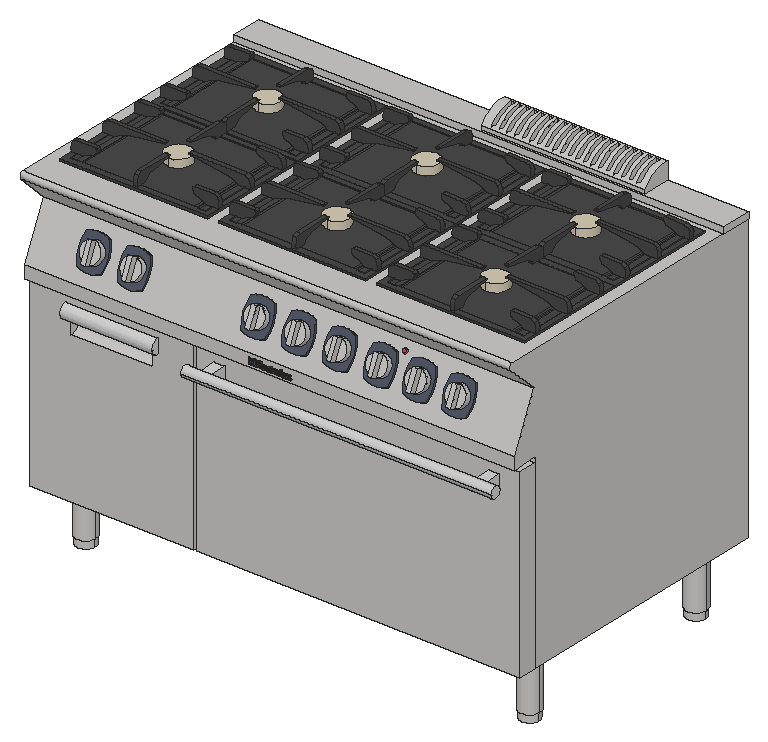
Revit family "QF_ELECTROLUXPROFESSIONAL_371406_E7AANTBGMII", category Attrezzature speciali, Revit 2018 (continued)
Automatic sketch dimensions
  Extrusion 44 sketch curve to Extrusion 44 sketch curve = 0.316 mm
  Extrusion 44 sketch curve to Extrusion 44 sketch curve = 0.087 mm
  Extrusion 44 sketch curve to Extrusion 44 sketch curve = 0.358 mm
  Extrusion 44 sketch curve to Extrusion 44 sketch curve = 0.481 mm
  Extrusion 44 sketch curve to Extrusion 44 sketch curve = 0.597 mm
  Extrusion 44 sketch curve to Extrusion 44 sketch curve = 0.544 mm
  Extrusion 44 sketch curve to Extrusion 44 sketch curve = 0.936 mm
  Extrusion 44 sketch curve to Extrusion 44 sketch curve = 0.594 mm
  Extrusion 44 sketch curve to Extrusion 44 sketch curve = 0.343 mm
  Extrusion 44 sketch curve to Extrusion 44 sketch curve = 0.159 mm
  Extrusion 44 sketch curve to Extrusion 44 sketch curve = 0.826 mm
  Extrusion 44 sketch curve to Extrusion 44 sketch curve = 0.839 mm
  Extrusion 44 sketch curve to Extrusion 44 sketch curve = 0.852 mm
  Extrusion 44 sketch curve to Extrusion 44 sketch curve = 0.887 mm
  Extrusion 44 sketch curve to Extrusion 44 sketch curve = 0.928 mm
  Extrusion 44 sketch curve to Extrusion 44 sketch curve = 0.938 mm
  Extrusion 44 sketch curve to Extrusion 44 sketch curve = 0.444 mm
  Extrusion 44 sketch curve to Extrusion 44 sketch curve = 1.11 mm  (x3)
  plane 7 "Center Y" to Extrusion 44 sketch curve = 43.726 mm
  Extrusion 44 sketch curve to Extrusion 44 sketch curve = 0.215 mm
  plane 7 "Center Y" to Extrusion 44 sketch curve = 0.332 mm
  Extrusion 44 sketch curve to Extrusion 44 sketch curve = 1.43 mm
  Extrusion 44 sketch curve to Extrusion 44 sketch curve = 1.188 mm
  Extrusion 44 sketch curve to Extrusion 44 sketch curve = 1.21 mm  (x2)
  Extrusion 44 sketch curve to Extrusion 44 sketch curve = 0.503 mm
  plane 7 "Center Y" to Extrusion 44 sketch curve = 48.995 mm
  Extrusion 44 sketch curve to Extrusion 44 sketch curve = 0.488 mm
  plane 7 "Center Y" to Extrusion 44 sketch curve = 52.922 mm
  Extrusion 44 sketch curve to Extrusion 44 sketch curve = 0.462 mm
  Extrusion 44 sketch curve to Extrusion 44 sketch curve = 1.386 mm
  Extrusion 44 sketch curve to Extrusion 44 sketch curve = 1.742 mm
  Extrusion 44 sketch curve to Extrusion 44 sketch curve = 0.821 mm
  Extrusion 44 sketch curve to Extrusion 44 sketch curve = 0.497 mm
  Extrusion 44 sketch curve to Extrusion 44 sketch curve = 0.539 mm
  Extrusion 44 sketch curve to Extrusion 44 sketch curve = 0.686 mm
  Extrusion 44 sketch curve to plane 7 "Center Y" = 0.042 mm
  Extrusion 44 sketch curve to Extrusion 44 sketch curve = 0.408 mm
  Extrusion 44 sketch curve to Extrusion 44 sketch curve = 0.743 mm
  Extrusion 44 sketch curve to Extrusion 44 sketch curve = 1.16 mm
  Extrusion 44 sketch curve to Extrusion 44 sketch curve = 0.329 mm
  Extrusion 44 sketch curve to Extrusion 44 sketch curve = 1.054 mm
  Extrusion 44 sketch curve to Extrusion 44 sketch curve = 1.056 mm
  Extrusion 44 sketch curve to Extrusion 44 sketch curve = 0.129 mm
  Extrusion 44 sketch curve to Extrusion 44 sketch curve = 0.489 mm
  Extrusion 44 sketch curve to plane 7 "Center Y" = 0.376 mm
  Extrusion 44 sketch curve to Extrusion 44 sketch curve = 0.441 mm
  Extrusion 44 sketch curve to Extrusion 44 sketch curve = 1.151 mm
  Extrusion 44 sketch curve to Extrusion 44 sketch curve = 1.141 mm  (x2)
  Extrusion 44 sketch curve to Extrusion 44 sketch curve = 0.768 mm
  Extrusion 44 sketch curve to Extrusion 44 sketch curve = 1.653 mm
  Extrusion 44 sketch curve to Extrusion 44 sketch curve = 0.499 mm
  Extrusion 44 sketch curve to Extrusion 44 sketch curve = 0.964 mm
  Extrusion 44 sketch curve to Extrusion 44 sketch curve = 0.949 mm
  Extrusion 44 sketch curve to Extrusion 44 sketch curve = 1.345 mm  (x3)
  Extrusion 44 sketch curve to Extrusion 44 sketch curve = 1.101 mm
  Extrusion 44 sketch curve to Extrusion 44 sketch curve = 0.432 mm
  Extrusion 44 sketch curve to Extrusion 44 sketch curve = 1.142 mm
  Extrusion 44 sketch curve to Extrusion 44 sketch curve = 0.959 mm
  Extrusion 44 sketch curve to Extrusion 44 sketch curve = 0.176 mm
  Extrusion 44 sketch curve to Extrusion 44 sketch curve = 0.728 mm
  Extrusion 44 sketch curve to Extrusion 44 sketch curve = 3.375 mm  (x2)
  Extrusion 44 sketch curve to Extrusion 44 sketch curve = 0.541 mm
  Extrusion 44 sketch curve to Extrusion 44 sketch curve = 0.955 mm
  Extrusion 44 sketch curve to Extrusion 44 sketch curve = 1.251 mm
  Extrusion 44 sketch curve to Extrusion 44 sketch curve = 0.572 mm
  plane 7 "Center Y" to Extrusion 44 sketch curve = 47.619 mm
  Extrusion 44 sketch curve to Extrusion 44 sketch curve = 1.92 mm
  Extrusion 44 sketch curve to Extrusion 44 sketch curve = 1.224 mm
  Extrusion 44 sketch curve to Extrusion 44 sketch curve = 0.745 mm
  Extrusion 44 sketch curve to Extrusion 44 sketch curve = 0.036 mm
  Extrusion 44 sketch curve to Extrusion 44 sketch curve = 0.896 mm  (x3)
  Extrusion 44 sketch curve to Extrusion 44 sketch curve = 2.607 mm
  Extrusion 44 sketch curve to Extrusion 44 sketch curve = 0.066 mm
  Extrusion 44 sketch curve to Extrusion 44 sketch curve = 0.248 mm
  Extrusion 44 sketch curve to Extrusion 44 sketch curve = 0.449 mm
  plane 7 "Center Y" to Extrusion 44 sketch curve = 46.838 mm
  Extrusion 44 sketch curve to Extrusion 44 sketch curve = 1.052 mm
  Extrusion 44 sketch curve to Extrusion 44 sketch curve = 1.863 mm
  Extrusion 44 sketch curve to Extrusion 44 sketch curve = 1.31 mm  (x2)
  Extrusion 44 sketch curve to Extrusion 44 sketch curve = 0.901 mm
  Extrusion 44 sketch curve to Extrusion 44 sketch curve = 1.107 mm
  Extrusion 44 sketch curve to Extrusion 44 sketch curve = 2.122 mm
  Extrusion 44 sketch curve to Extrusion 44 sketch curve = 2.101 mm
  Extrusion 44 sketch curve to Extrusion 44 sketch curve = 0.106 mm
  Extrusion 44 sketch curve to Extrusion 44 sketch curve = 0.029 mm
  plane 7 "Center Y" to Extrusion 44 sketch curve = 49.641 mm
  Extrusion 44 sketch curve to Extrusion 44 sketch curve = 2.09 mm
  Extrusion 44 sketch curve to Extrusion 44 sketch curve = 1.279 mm
  Extrusion 44 sketch curve to Extrusion 44 sketch curve = 2.008 mm
  Extrusion 44 sketch curve to Extrusion 44 sketch curve = 0.738 mm
  Extrusion 44 sketch curve to Extrusion 44 sketch curve = 0.382 mm
  Extrusion 44 sketch curve to Extrusion 44 sketch curve = 0.384 mm
  Extrusion 44 sketch curve to Extrusion 44 sketch curve = 0.002 mm
  Extrusion 44 sketch curve to Extrusion 44 sketch curve = 0.561 mm
  Extrusion 44 sketch curve to Extrusion 44 sketch curve = 0.592 mm
  Extrusion 44 sketch curve to Extrusion 44 sketch curve = 2.692 mm
  Extrusion 44 sketch curve to Extrusion 44 sketch curve = 1.259 mm
  plane 7 "Center Y" to Extrusion 44 sketch curve = 48.858 mm
  Extrusion 44 sketch curve to Extrusion 44 sketch curve = 0.802 mm
  Extrusion 44 sketch curve to Extrusion 44 sketch curve = 1.024 mm
  Extrusion 44 sketch curve to Extrusion 44 sketch curve = 0.682 mm
  Extrusion 44 sketch curve to Extrusion 44 sketch curve = 5.934 mm
  Extrusion 44 sketch curve to Extrusion 44 sketch curve = 2.186 mm
  Extrusion 44 sketch curve to Extrusion 44 sketch curve = 0.337 mm
  Extrusion 44 sketch curve to Extrusion 44 sketch curve = 0.021 mm
  Extrusion 44 sketch curve to Extrusion 44 sketch curve = 1.005 mm
  Extrusion 44 sketch curve to Extrusion 44 sketch curve = 0.552 mm
  Extrusion 44 sketch curve to Extrusion 44 sketch curve = 0.778 mm
  Extrusion 44 sketch curve to Extrusion 44 sketch curve = 0.063 mm
  Extrusion 44 sketch curve to Extrusion 44 sketch curve = 1.023 mm
  Extrusion 44 sketch curve to Extrusion 44 sketch curve = 3.804 mm
  Extrusion 44 sketch curve to Extrusion 44 sketch curve = 0.486 mm
  Extrusion 44 sketch curve to Extrusion 44 sketch curve = 0.266 mm
  Extrusion 44 sketch curve to plane 7 "Center Y" = 0.787 mm
  Extrusion 44 sketch curve to Extrusion 44 sketch curve = 1.547 mm
  Extrusion 44 sketch curve to Extrusion 44 sketch curve = 0.717 mm  (x2)
  Extrusion 44 sketch curve to Extrusion 44 sketch curve = 1.667 mm
  plane 7 "Center Y" to Extrusion 44 sketch curve = 44.532 mm
  Extrusion 44 sketch curve to Extrusion 44 sketch curve = 3.174 mm
  plane 7 "Center Y" to Extrusion 44 sketch curve = 0.368 mm
  Extrusion 44 sketch curve to Extrusion 44 sketch curve = 0.388 mm
  Extrusion 44 sketch curve to Extrusion 44 sketch curve = 1.342 mm
  plane 7 "Center Y" to Extrusion 44 sketch curve = 50.135 mm
  Extrusion 44 sketch curve to Extrusion 44 sketch curve = 1.521 mm
  plane 7 "Center Y" to Extrusion 44 sketch curve = 51.694 mm
  Extrusion 44 sketch curve to Extrusion 44 sketch curve = 0.124 mm
  Extrusion 44 sketch curve to Extrusion 44 sketch curve = 0.291 mm
  plane 7 "Center Y" to Extrusion 44 sketch curve = 7.285 mm
  Extrusion 44 sketch curve to Extrusion 44 sketch curve = 1.049 mm  (x2)
  plane 7 "Center Y" to Extrusion 44 sketch curve = 47.668 mm
  Extrusion 44 sketch curve to Extrusion 44 sketch curve = 1.7 mm
  Extrusion 44 sketch curve to Extrusion 44 sketch curve = 0.894 mm
  Extrusion 44 sketch curve to Extrusion 44 sketch curve = 0.989 mm
  Extrusion 44 sketch curve to Extrusion 44 sketch curve = 1.168 mm
  Extrusion 44 sketch curve to Extrusion 44 sketch curve = 1.594 mm
  Extrusion 44 sketch curve to Extrusion 44 sketch curve = 0.731 mm
  Extrusion 44 sketch curve to Extrusion 44 sketch curve = 1.566 mm
  Extrusion 44 sketch curve to Extrusion 44 sketch curve = 0.064 mm
  plane 7 "Center Y" to Extrusion 44 sketch curve = 7.842 mm
  Extrusion 44 sketch curve to Extrusion 44 sketch curve = 0.556 mm
  Extrusion 44 sketch curve to Extrusion 44 sketch curve = 0.48 mm
  Extrusion 44 sketch curve to Extrusion 44 sketch curve = 0.228 mm
  Extrusion 44 sketch curve to Extrusion 44 sketch curve = 1.018 mm
  plane 7 "Center Y" to Extrusion 44 sketch curve = 37.429 mm
  Extrusion 44 sketch curve to Extrusion 44 sketch curve = 0.787 mm
  Extrusion 44 sketch curve to Extrusion 44 sketch curve = 0.618 mm
  plane 7 "Center Y" to Extrusion 44 sketch curve = 42.486 mm
  Extrusion 44 sketch curve to Extrusion 44 sketch curve = 1.672 mm
  plane 7 "Center Y" to Extrusion 44 sketch curve = 53.436 mm
  Extrusion 44 sketch curve to Extrusion 44 sketch curve = 1.361 mm
  Extrusion 44 sketch curve to Extrusion 44 sketch curve = 0.822 mm
  Extrusion 44 sketch curve to Extrusion 44 sketch curve = 0.069 mm
  Extrusion 44 sketch curve to Extrusion 44 sketch curve = 1.88 mm
  plane 7 "Center Y" to Extrusion 44 sketch curve = 35.269 mm
  Extrusion 44 sketch curve to Extrusion 44 sketch curve = 0.42 mm
  Extrusion 44 sketch curve to Extrusion 44 sketch curve = 0.062 mm
  Extrusion 44 sketch curve to Extrusion 44 sketch curve = 1.355 mm
  Extrusion 44 sketch curve to Extrusion 44 sketch curve = 2.34 mm
  Extrusion 44 sketch curve to Extrusion 44 sketch curve = 0.493 mm
  Extrusion 44 sketch curve to Extrusion 44 sketch curve = 0.136 mm
  Extrusion 44 sketch curve to Extrusion 44 sketch curve = 0.128 mm
  Extrusion 44 sketch curve to Extrusion 44 sketch curve = 3.616 mm
  Extrusion 44 sketch curve to Extrusion 44 sketch curve = 4.207 mm
  Extrusion 44 sketch curve to Extrusion 44 sketch curve = 0.183 mm
  Extrusion 44 sketch curve to Extrusion 44 sketch curve = 0.895 mm
  Extrusion 44 sketch curve to Extrusion 44 sketch curve = 1.314 mm
  Extrusion 44 sketch curve to Extrusion 44 sketch curve = 3.231 mm
  Extrusion 44 sketch curve to plane 7 "Center Y" = 23.526 mm
  Extrusion 44 sketch curve to Extrusion 44 sketch curve = 1.299 mm
  Extrusion 44 sketch curve to Extrusion 44 sketch curve = 1.214 mm
  plane 7 "Center Y" to Extrusion 44 sketch curve = 26.369 mm
  Extrusion 44 sketch curve to Extrusion 44 sketch curve = 1.264 mm
  Extrusion 44 sketch curve to Extrusion 44 sketch curve = 0.109 mm
  Extrusion 44 sketch curve to Extrusion 44 sketch curve = 0.357 mm
  Extrusion 44 sketch curve to Extrusion 44 sketch curve = 0.565 mm
  Extrusion 44 sketch curve to Extrusion 44 sketch curve = 2.504 mm
  Extrusion 44 sketch curve to Extrusion 44 sketch curve = 2.459 mm
  Extrusion 44 sketch curve to Extrusion 44 sketch curve = 0.983 mm
  Extrusion 44 sketch curve to Extrusion 44 sketch curve = 0.422 mm  (x2)
  Extrusion 44 sketch curve to Extrusion 44 sketch curve = 1.268 mm
  Extrusion 44 sketch curve to Extrusion 44 sketch curve = 0.671 mm
  Extrusion 44 sketch curve to Extrusion 44 sketch curve = 1.634 mm
  Extrusion 44 sketch curve to Extrusion 44 sketch curve = 0.132 mm
  Extrusion 44 sketch curve to Extrusion 44 sketch curve = 0.586 mm
  Extrusion 44 sketch curve to Extrusion 44 sketch curve = 1.241 mm
  Extrusion 44 sketch curve to Extrusion 44 sketch curve = 1.689 mm
  Extrusion 44 sketch curve to Extrusion 44 sketch curve = 0.627 mm
  Extrusion 44 sketch curve to Extrusion 44 sketch curve = 0.419 mm
  Extrusion 44 sketch curve to Extrusion 44 sketch curve = 1.514 mm
  Extrusion 44 sketch curve to Extrusion 44 sketch curve = 1.019 mm
  Extrusion 44 sketch curve to Extrusion 44 sketch curve = 0.065 mm
  Extrusion 44 sketch curve to Extrusion 44 sketch curve = 1.215 mm
  Extrusion 44 sketch curve to Extrusion 44 sketch curve = 1.122 mm
  Extrusion 44 sketch curve to Extrusion 44 sketch curve = 1.153 mm
  Extrusion 44 sketch curve to Extrusion 44 sketch curve = 1.223 mm
  Extrusion 44 sketch curve to Extrusion 44 sketch curve = 0.934 mm
  Extrusion 44 sketch curve to Extrusion 44 sketch curve = 3.376 mm
  Extrusion 44 sketch curve to Extrusion 44 sketch curve = 0.222 mm
  Extrusion 44 sketch curve to Extrusion 44 sketch curve = 1.383 mm
  Extrusion 44 sketch curve to Extrusion 44 sketch curve = 1.556 mm
  Extrusion 44 sketch curve to Extrusion 44 sketch curve = 2.559 mm
  Extrusion 44 sketch curve to Extrusion 44 sketch curve = 2.51 mm
  Extrusion 44 sketch curve to Extrusion 44 sketch curve = 0.131 mm
  Extrusion 44 sketch curve to Extrusion 44 sketch curve = 1.134 mm
  Extrusion 44 sketch curve to Extrusion 44 sketch curve = 0.094 mm
  Extrusion 44 sketch curve to Extrusion 44 sketch curve = 1.584 mm
  Extrusion 44 sketch curve to Extrusion 44 sketch curve = 0.27 mm
  Extrusion 44 sketch curve to Extrusion 44 sketch curve = 0.916 mm
  Extrusion 44 sketch curve to Extrusion 44 sketch curve = 0.352 mm
  Extrusion 44 sketch curve to Extrusion 44 sketch curve = 0.458 mm
  Extrusion 44 sketch curve to Extrusion 44 sketch curve = 1.282 mm
  Extrusion 44 sketch curve to Extrusion 44 sketch curve = 1.363 mm
  Extrusion 44 sketch curve to Extrusion 44 sketch curve = 0.685 mm
  Extrusion 44 sketch curve to Extrusion 44 sketch curve = 0.905 mm
  Extrusion 44 sketch curve to Extrusion 44 sketch curve = 1.477 mm
  Extrusion 44 sketch curve to Extrusion 44 sketch curve = 0.472 mm
  Extrusion 44 sketch curve to Extrusion 44 sketch curve = 0.101 mm
  Extrusion 44 sketch curve to Extrusion 44 sketch curve = 0.54 mm
  Extrusion 44 sketch curve to Extrusion 44 sketch curve = 0.02 mm
  Extrusion 44 sketch curve to Extrusion 44 sketch curve = 0.829 mm
  Extrusion 44 sketch curve to Extrusion 44 sketch curve = 0.582 mm
  Extrusion 44 sketch curve to Extrusion 44 sketch curve = 0.166 mm
  Extrusion 44 sketch curve to Extrusion 44 sketch curve = 0.16 mm
  Extrusion 44 sketch curve to Extrusion 44 sketch curve = 1.118 mm
  Extrusion 44 sketch curve to Extrusion 44 sketch curve = 0.613 mm
  Extrusion 44 sketch curve to Extrusion 44 sketch curve = 0.781 mm
  Extrusion 44 sketch curve to Extrusion 44 sketch curve = 0.361 mm
  Extrusion 44 sketch curve to Extrusion 44 sketch curve = 0.897 mm
  Extrusion 44 sketch curve to Extrusion 44 sketch curve = 0.167 mm
  Extrusion 44 sketch curve to Extrusion 44 sketch curve = 0.292 mm
  Extrusion 44 sketch curve to Extrusion 44 sketch curve = 0.305 mm
  Extrusion 44 sketch curve to Extrusion 44 sketch curve = 1.557 mm
  Extrusion 44 sketch curve to Extrusion 44 sketch curve = 2.499 mm
  Extrusion 44 sketch curve to Extrusion 44 sketch curve = 3.062 mm
  Extrusion 44 sketch curve to Extrusion 44 sketch curve = 2.968 mm
  Extrusion 44 sketch curve to Extrusion 44 sketch curve = 5.044 mm
  Extrusion 44 sketch curve to Extrusion 44 sketch curve = 0.629 mm  (x2)
  Extrusion 44 sketch curve to Extrusion 44 sketch curve = 1.131 mm
  Extrusion 44 sketch curve to Extrusion 44 sketch curve = 0.137 mm
  Extrusion 44 sketch curve to Extrusion 44 sketch curve = 0.027 mm
  Extrusion 44 sketch curve to Extrusion 44 sketch curve = 2.046 mm
  Extrusion 44 sketch curve to Extrusion 44 sketch curve = 2.235 mm
  radius of Extrusion 8 sketch curve = 6.35 mm
  radius of Extrusion 13 sketch curve = 12.7 mm
  radius of Extrusion 17 sketch curve = 25.4 mm
  radius of Extrusion 18 sketch curve to Extrusion 17 = 0 mm  (x2)
  radius of Extrusion 20 sketch curve = 25.4 mm
  radius of Extrusion 21 sketch curve to Extrusion 20 = 0 mm  (x2)
  radius of Extrusion 23 sketch curve = 25.4 mm
  radius of Extrusion 24 sketch curve to Extrusion 23 = 0 mm  (x2)
  radius of Extrusion 28 sketch curve = 25.4 mm
  radius of Extrusion 29 sketch curve to Extrusion 28 = 0 mm  (x2)
  radius of Extrusion 31 sketch curve = 25.4 mm
  radius of Extrusion 32 sketch curve to Extrusion 31 = 0 mm  (x2)
  radius of Extrusion 34 sketch curve = 25.4 mm
  radius of Extrusion 35 sketch curve to Extrusion 34 = 0 mm  (x2)
  radius of Extrusion 37 sketch curve = 25.4 mm
  radius of Extrusion 38 sketch curve to Extrusion 37 = 0 mm  (x2)
  radius of Extrusion 40 sketch curve = 25.4 mm
  radius of Extrusion 41 sketch curve to Extrusion 40 = 0 mm  (x2)
  radius of Extrusion 42 sketch curve = 5 mm
  radius of Extrusion 43 sketch curve = 3.175 mm
Nested families
  nested 1: "371009_BURNER" at (23.5, -5, 0), type "371009_BURNER"
    with Type Mark "", Status "", Specification by User "", Revision Code "", Item Number "", Installed By "", Identify Quantity as Lot yes, Furnished By "", Foodservice Equipment Identifier yes
  nested 2: "371009_BURNER" at (23.5, -739.127, 0), type "371009_BURNER"
    with Type Mark "", Status "", Specification by User "", Revision Code "", Item Number "", Installed By "", Identify Quantity as Lot yes, Furnished By "", Foodservice Equipment Identifier yes
  nested 3: "371009_BURNER" at (412.5, -5, 0), type "371009_BURNER"
    with Type Mark "", Status "", Specification by User "", Revision Code "", Item Number "", Installed By "", Identify Quantity as Lot yes, Furnished By "", Foodservice Equipment Identifier yes
  nested 4: "371009_BURNER" at (412.5, -739.127, 0), type "371009_BURNER"
    with Type Mark "", Status "", Specification by User "", Revision Code "", Item Number "", Installed By "", Identify Quantity as Lot yes, Furnished By "", Foodservice Equipment Identifier yes
  nested 5: "371009_BURNER" at (1176.5, -5, 0) x (-1, 0, 0) z (0, 0, 1), type "371009_BURNER"
    with Type Mark "", Status "", Specification by User "", Revision Code "", Item Number "", Installed By "", Identify Quantity as Lot yes, Furnished By "", Foodservice Equipment Identifier yes
  nested 6: "371009_BURNER" at (1176.5, -739.127, 0) x (-1, 0, 0) z (0, 0, 1), type "371009_BURNER"
    with Type Mark "", Status "", Specification by User "", Revision Code "", Item Number "", Installed By "", Identify Quantity as Lot yes, Furnished By "", Foodservice Equipment Identifier yes
Connectors
  piping at (1147.613, -464, 141.185), diameter 12.8
    settings: on Extrusion 8, index 1, connector inside diameter 0.50394", connector length 0 mm, flow factor 0, pipe flow 0 GPM, pressure drop 0.00 psi, fitting loss kfactor 0, connector angle 0.00°, fixture units 0, engagement length 0 mm, angle of deflection 0.00°, flow configuration 1, flow direction 1, fitting loss method 0, system type 7, joint type 0, gender type 0, connector reference index -1, connector utility 0, adjustable connector no, is connector primary yes, connector description "Gas Inlet"
  electrical at (1147.613, -514, 148.45), driven by "Volts"
    settings: on Extrusion 43, index 2, voltage 380 V, apparent load 6000 VA, apparent load phase1 0 VA, apparent load phase2 0 VA, apparent load phase3 0 VA, power factor 1, load classification "Other", number of poles 1, system type 30, power factor state 1, is connector primary yes, connector utility no, sub classification motor no, connector description "Electrical Connection"
Definition of nested family "371009_BURNER"
  Parameters
    Weight in Pounds = 0
    URL Cutsheet = ""
    URL = "www.electrolux.com"
    Type Mark [instance] = ""
    Status [instance] = ""
    Specification by User [instance] = ""
    Specification by Manufacturer = ""
    Serial Number = ""
    Seismic Rating = ""
    SMACNA No = ""
    Revision Code [instance] = ""
    Omniclass Number and Title = ""
    NAFEM Spec ID Number = ""
    Model = "371009"
    Masterspec = ""
    Manufacturer = "ELECTROLUX"
    Item Number [instance] = ""
    Installed By [instance] = ""
    Identify Quantity as Lot [instance] = yes
    Furnished By [instance] = ""
    Foodservice Equipment Identifier [instance] = yes
    Description = ""
    CSI MasterFormat = ""
    CSI Master Format = ""
  Reference planes
    plane 1 "BACK": y = 0
    plane 2: z = 0
    plane 3 "LEFT": x = 0
    plane 4 "RIGHT": x = 800
    plane 5 "FRONT": y = -700
    plane 6 "TOP": z = 908.85
    plane 7 "Center Y": x = 400
    plane 8 "Center X": y = -350
    plane 9 "Base": z = 150
    plane 10: z = 850.85
  Forms (mm)
    Extrusion 1, solid
      sketch origin (0, -734.127, 5) x (1, 0, 0) y (0, 0, -1)
        loop
          arc (7.142, -850.85) -> (6.739, -862.989) -> (9.761, -874.752) r 42.809
          line (9.761, -874.752) -> (19.961, -879.425) -> (157.339, -879.425)
          arc (157.339, -879.425) -> (158.533, -878.312) -> (157.506, -877.043) r 1.197
          line (157.506, -877.043) -> (64.848, -864.021)
          arc (64.848, -864.021) -> (50.111, -858.738) -> (36.589, -850.85) r 85.245
          line (36.589, -850.85) -> (7.142, -850.85)
        loop
          line (367.858, -850.85) -> (338.411, -850.85)
          arc (338.411, -850.85) -> (324.889, -858.738) -> (310.152, -864.021) r 85.245
          line (310.152, -864.021) -> (217.494, -877.043)
          arc (217.494, -877.043) -> (216.467, -878.312) -> (217.661, -879.425) r 1.197
          line (217.661, -879.425) -> (355.039, -879.425) -> (365.239, -874.752)
          arc (365.239, -874.752) -> (368.261, -862.989) -> (367.858, -850.85) r 42.809
      from 224.564 to 234.564
    Extrusion 2, solid
      sketch origin (0, -734.127, 5) x (1, 0, 0) y (0, 0, -1)
        loop
          arc (7.056, -850.85) -> (6.705, -862.948) -> (9.748, -874.663) r 42.876
          line (9.748, -874.663) -> (19.961, -879.425) -> (65.851, -879.425)
          arc (65.851, -879.425) -> (68.577, -878.352) -> (69.841, -875.709) r 4
          arc (69.841, -875.709) -> (68.75, -869.25) -> (64.816, -864.012) r 13.87
          arc (64.816, -864.012) -> (50.096, -858.731) -> (36.589, -850.85) r 85.245
          line (36.589, -850.85) -> (7.056, -850.85)
        loop
          line (367.944, -850.85) -> (338.411, -850.85)
          arc (338.411, -850.85) -> (324.904, -858.731) -> (310.184, -864.012) r 85.245
          arc (310.184, -864.012) -> (306.25, -869.25) -> (305.159, -875.709) r 13.87
          arc (305.159, -875.709) -> (306.423, -878.352) -> (309.149, -879.425) r 4
          line (309.149, -879.425) -> (355.039, -879.425) -> (365.252, -874.663)
          arc (365.252, -874.663) -> (368.295, -862.948) -> (367.944, -850.85) r 42.876
      from 127.064 to 137.064
    Extrusion 3, solid
      sketch origin (0, -275, 5) x (1, 0, 0) y (0, 0, 1)
        loop
          arc (64.816, 864.012) -> (68.75, 869.25) -> (69.841, 875.709) r 13.87
          arc (69.841, 875.709) -> (68.577, 878.352) -> (65.851, 879.425) r 4
          line (65.851, 879.425) -> (19.961, 879.425) -> (9.748, 874.663)
          arc (9.748, 874.663) -> (6.705, 862.948) -> (7.056, 850.85) r 42.876
          line (7.056, 850.85) -> (36.589, 850.85)
          arc (36.589, 850.85) -> (50.096, 858.731) -> (64.816, 864.012) r 85.245
        loop
          arc (310.184, 864.012) -> (324.904, 858.731) -> (338.411, 850.85) r 85.245
          line (338.411, 850.85) -> (367.944, 850.85)
          arc (367.944, 850.85) -> (368.295, 862.948) -> (365.252, 874.663) r 42.876
          line (365.252, 874.663) -> (355.039, 879.425) -> (309.149, 879.425)
          arc (309.149, 879.425) -> (306.423, 878.352) -> (305.159, 875.709) r 4
          arc (305.159, 875.709) -> (306.25, 869.25) -> (310.184, 864.012) r 13.87
      from 127.064 to 137.064
    Extrusion 4, solid
      sketch origin (454.964, -29.48, 5) x (0, -1, 0) y (0, 0, 1)
        loop
          arc (366.649, 850.85) -> (375.927, 861.743) -> (389.337, 866.736) r 28.426
          line (389.337, 866.736) -> (441.256, 877.043)
          arc (441.256, 877.043) -> (442.283, 878.312) -> (441.089, 879.425) r 1.197
          line (441.089, 879.425) -> (347.797, 879.425)
          arc (347.797, 879.425) -> (343.211, 875.934) -> (337.583, 874.694) r 13.39
          line (337.583, 874.694) -> (337.583, 850.85) -> (366.649, 850.85)
        loop
          arc (606.236, 850.85) -> (606.587, 862.948) -> (603.543, 874.663) r 42.876
          line (603.543, 874.663) -> (593.33, 879.425) -> (509.077, 879.425)
          arc (509.077, 879.425) -> (507.883, 878.312) -> (508.911, 877.043) r 1.197
          line (508.911, 877.043) -> (560.83, 866.736)
          arc (560.83, 866.736) -> (574.239, 861.743) -> (583.518, 850.85) r 28.426
          line (583.518, 850.85) -> (606.236, 850.85)
      from 262.464 to 272.464
    Extrusion 5, solid
      sketch origin (0, 0, 850.85) x (0, -1, 0) y (1, 0, 0)
        loop
          line (642.216, 6.433) -> (642.216, 368.567) -> (367.857, 368.567) -> (367.857, 6.433) -> (642.216, 6.433)
        loop
          line (382.857, 21.433) -> (627.216, 21.433) -> (627.216, 353.567) -> (382.857, 353.567) -> (382.857, 21.433)
      from 0 to 5
    Extrusion 6, solid
      sketch origin (-12.5, 0, 855.85) x (0, -1, 0) y (1, 0, 0)
        loop
          circle (504.356, 200) r 30
      from -1.321 to 17.134
    Extrusion 7, solid
      sketch origin (0, -734.127, 0) x (1, 0, 0) y (0, 0, -1)
        loop
          line (21.433, -855.85) -> (36.589, -855.85)
          arc (36.589, -855.85) -> (40.561, -855.243) -> (44.305, -853.783) r 18.259
          arc (44.305, -853.783) -> (45.997, -853.366) -> (47.69, -853.783) r 3.649
          arc (47.69, -853.783) -> (49.901, -854.522) -> (52.232, -854.529) r 7.328
          line (52.232, -854.529) -> (322.768, -854.529)
          arc (322.768, -854.529) -> (325.099, -854.522) -> (327.31, -853.783) r 7.328
          arc (327.31, -853.783) -> (329.003, -853.366) -> (330.695, -853.783) r 3.649
          arc (330.695, -853.783) -> (334.439, -855.243) -> (338.411, -855.85) r 18.259
          line (338.411, -855.85) -> (353.567, -855.85) -> (353.567, -850.85) -> (21.433, -850.85) -> (21.433, -855.85)
      from 106.911 to 351.27
  Lines and regions (mm)
    symbolic lines
      curve 1: line (6.433, -642.216, 150) -> (368.567, -642.216, 150)
      curve 2: line (6.433, -367.857, 150) -> (6.433, -642.216, 150)
      curve 3: line (368.567, -367.857, 150) -> (192.5, -367.857, 150)
      curve 4: line (368.567, -642.216, 150) -> (368.567, -367.857, 150)
      curve 5: line (353.567, -382.857, 150) -> (192.5, -382.857, 150)
      curve 6: line (353.567, -627.216, 150) -> (353.567, -607.064, 150)
      curve 7: line (21.433, -627.216, 150) -> (182.5, -627.216, 150)
      curve 8: line (21.433, -382.857, 150) -> (21.433, -402.064, 150)
      curve 9: line (52.232, -627.216, 150) -> (52.232, -607.064, 150)
      curve 10: line (322.567, -382.857, 150) -> (322.567, -402.064, 150)
      curve 11: line (148.125, -499.564, 150) -> (148.125, -382.857, 150)
      curve 12: line (154.375, -382.857, 150) -> (154.375, -499.564, 150)
      curve 13: arc (148.297, -509.564, 150) -> (159.191, -533.254, 150) -> (182.5, -544.942, 150) r 39.375
      curve 14: arc (220.42, -509.564, 150) -> (211.39, -528.832, 150) -> (192.5, -538.631, 150) r 33.125
      curve 15: line (220.625, -382.857, 150) -> (220.625, -499.564, 150)
      curve 16: line (226.875, -499.564, 150) -> (226.875, -382.857, 150)
      curve 17: line (192.5, -636.339, 150) -> (192.5, -535.619, 150)
      curve 18: arc (182.657, -474.75, 150) -> (166.195, -483.236, 150) -> (157.853, -499.771, 150) r 30
      curve 19: arc (192.224, -533.982, 150) -> (208.621, -525.661, 150) -> (217.084, -509.337, 150) r 30
      curve 20: line (368.567, -597.064, 150) -> (305.159, -597.064, 150)
      curve 21: line (6.433, -607.064, 150) -> (69.841, -607.064, 150)
      curve 22: line (6.433, -509.564, 150) -> (156.429, -509.564, 150)
      curve 23: line (368.567, -499.564, 150) -> (218.571, -499.564, 150)
      curve 24: line (6.433, -412.064, 150) -> (69.841, -412.064, 150)
      curve 25: line (368.567, -402.064, 150) -> (305.159, -402.064, 150)
      curve 26: line (69.841, -597.064, 150) -> (6.433, -597.064, 150)
      curve 27: line (305.159, -607.064, 150) -> (368.567, -607.064, 150)
      curve 28: line (69.841, -402.064, 150) -> (6.433, -402.064, 150)
      curve 29: line (305.159, -412.064, 150) -> (368.567, -412.064, 150)
      curve 30: arc (69.841, -597.064, 150) -> (74.841, -602.064, 150) -> (69.841, -607.064, 150) r 5
      curve 31: arc (305.159, -607.064, 150) -> (300.159, -602.064, 150) -> (305.159, -597.064, 150) r 5
      curve 32: arc (69.841, -402.064, 150) -> (74.841, -407.064, 150) -> (69.841, -412.064, 150) r 5
      curve 33: arc (305.159, -412.064, 150) -> (300.159, -407.064, 150) -> (305.159, -402.064, 150) r 5
      curve 34: line (21.433, -412.064, 150) -> (21.433, -499.564, 150)
      curve 35: line (52.232, -402.064, 150) -> (52.232, -382.857, 150)
      curve 36: line (21.433, -509.564, 150) -> (21.433, -597.064, 150)
      curve 37: line (52.232, -499.564, 150) -> (52.232, -412.064, 150)
      curve 38: line (52.232, -597.064, 150) -> (52.232, -509.564, 150)
      curve 39: line (21.433, -607.064, 150) -> (21.433, -627.216, 150)
      curve 40: line (322.567, -607.064, 150) -> (322.567, -627.216, 150)
      curve 41: line (353.567, -597.064, 150) -> (353.567, -509.564, 150)
      curve 42: line (322.567, -509.564, 150) -> (322.567, -597.064, 150)
      curve 43: line (353.567, -499.564, 150) -> (353.567, -412.064, 150)
      curve 44: line (353.567, -402.064, 150) -> (353.567, -382.857, 150)
      curve 45: line (322.567, -412.064, 150) -> (322.567, -499.564, 150)
      curve 46: line (156.429, -499.564, 150) -> (6.433, -499.564, 150)
      curve 47: line (218.571, -509.564, 150) -> (368.567, -509.564, 150)
      curve 48: arc (218.571, -499.564, 150) -> (213.571, -504.564, 150) -> (218.571, -509.564, 150) r 5
      curve 49: arc (156.429, -499.564, 150) -> (161.429, -504.564, 150) -> (156.429, -509.564, 150) r 5
      curve 50: arc (157.916, -509.337, 150) -> (166.379, -525.661, 150) -> (182.776, -533.982, 150) r 30
      curve 51: arc (217.147, -499.771, 150) -> (208.805, -483.236, 150) -> (192.343, -474.75, 150) r 30
      curve 52: line (182.5, -535.619, 150) -> (182.5, -636.339, 150)
      curve 53: line (192.5, -473.508, 150) -> (192.5, -367.064, 150)
      curve 54: arc (192.5, -535.619, 150) -> (187.5, -530.619, 150) -> (182.5, -535.619, 150) r 5
      curve 55: arc (192.5, -473.508, 150) -> (187.5, -478.508, 150) -> (182.5, -473.508, 150) r 5
      curve 56: line (182.5, -367.857, 150) -> (6.433, -367.857, 150)
      curve 57: line (182.5, -382.857, 150) -> (21.433, -382.857, 150)
      curve 58: arc (192.5, -404.571, 150) -> (196.398, -417.071, 150) -> (192.5, -429.571, 150) r 21.993
      curve 59: arc (196.181, -420.148, 150) -> (199.482, -417.071, 150) -> (196.181, -413.995, 150) r 3.084
      curve 60: arc (182.5, -404.571, 150) -> (178.602, -417.071, 150) -> (182.5, -429.571, 150) r 21.993
      curve 61: arc (178.819, -420.148, 150) -> (175.518, -417.071, 150) -> (178.819, -413.995, 150) r 3.084
      curve 62: line (182.5, -367.064, 150) -> (182.5, -473.508, 150)
      curve 63: arc (182.5, -538.631, 150) -> (163.61, -528.832, 150) -> (154.58, -509.564, 150) r 33.125
      curve 64: arc (192.5, -544.942, 150) -> (215.809, -533.254, 150) -> (226.703, -509.564, 150) r 39.375
      curve 65: line (182.5, -636.339, 150) -> (192.5, -636.339, 150)
      curve 66: line (182.5, -377.277, 150) -> (192.5, -377.277, 150)
      curve 67: line (182.5, -367.064, 150) -> (192.5, -367.064, 150)
      curve 68: line (192.5, -627.216, 150) -> (353.567, -627.216, 150)
  Dimensions and locks
    equal spacing: plane 3 "LEFT", plane 7 "Center Y", plane 4 "RIGHT"
    plane 3 "LEFT" to plane 4 "RIGHT" = 800 mm
    equal spacing: plane 5 "FRONT", plane 8 "Center X", plane 1 "BACK"
    plane 5 "FRONT" to plane 1 "BACK" = 700 mm
    plane 6 "TOP" to level = 908.85 mm
    plane 9 "Base" to level = 150 mm
    plane 6 "TOP" to plane 10 = 58 mm  (x2)
    aligned and locked: level to plane 2
  Automatic sketch dimensions
    Extrusion 5 sketch curve to Extrusion 5 sketch curve = 15 mm  (x2)
    Extrusion 5 sketch curve to Extrusion 5 sketch curve = 332.134 mm
    plane 3 "LEFT" to Extrusion 2 sketch curve = 7.056 mm
    plane 3 "LEFT" to Extrusion 2 sketch curve = 9.748 mm
    Extrusion 2 sketch curve to Extrusion 2 sketch curve = 10.213 mm  (x2)
    plane 10 to Extrusion 2 sketch curve = 5 mm  (x2)
    Extrusion 2 sketch curve to Extrusion 2 sketch curve = 29.533 mm
    Extrusion 2 sketch curve to Extrusion 2 sketch curve = 12.72 mm  (x2)
    Extrusion 2 sketch curve to Extrusion 2 sketch curve = 6.697 mm
    Extrusion 2 sketch curve to Extrusion 2 sketch curve = 8.81 mm
    Extrusion 2 sketch curve to Extrusion 2 sketch curve = 9.845 mm  (x2)
    Extrusion 2 sketch curve to Extrusion 2 sketch curve = 3.99 mm  (x2)
    Extrusion 2 sketch curve to Extrusion 2 sketch curve = 0 mm  (x2)
    Extrusion 2 sketch curve to Extrusion 2 sketch curve = 36.813 mm
    Extrusion 2 sketch curve to plane 7 "Center Y" = 111.122 mm
    Extrusion 2 sketch curve to plane 6 "TOP" = 28.141 mm
    Extrusion 2 sketch curve to plane 7 "Center Y" = 94.841 mm
    Extrusion 2 sketch curve to Extrusion 2 sketch curve = 1.035 mm
    Extrusion 2 sketch curve to Extrusion 2 sketch curve = 15.507 mm
    Extrusion 2 sketch curve to Extrusion 2 sketch curve = 16.628 mm
    Extrusion 2 sketch curve to Extrusion 2 sketch curve = 2.692 mm
    Extrusion 2 sketch curve to plane 6 "TOP" = 24.425 mm
    Extrusion 2 sketch curve to Extrusion 2 sketch curve = 28.575 mm
    Extrusion 2 sketch curve to Extrusion 2 sketch curve = 3.716 mm
    Extrusion 2 sketch curve to Extrusion 2 sketch curve = 4.763 mm  (x2)
    plane 3 "LEFT" to Extrusion 1 sketch curve = 7.142 mm
    plane 3 "LEFT" to Extrusion 1 sketch curve = 9.761 mm
    Extrusion 1 sketch curve to Extrusion 1 sketch curve = 10.201 mm  (x2)
    plane 10 to Extrusion 1 sketch curve = 5 mm  (x2)
    Extrusion 1 sketch curve to Extrusion 1 sketch curve = 29.447 mm
    Extrusion 1 sketch curve to Extrusion 1 sketch curve = 12.704 mm  (x2)
    Extrusion 1 sketch curve to Extrusion 1 sketch curve = 15.555 mm  (x2)
    Extrusion 1 sketch curve to Extrusion 1 sketch curve = 36.829 mm
    Extrusion 1 sketch curve to plane 6 "TOP" = 24.425 mm  (x2)
    Extrusion 1 sketch curve to Extrusion 1 sketch curve = 92.491 mm
    Extrusion 1 sketch curve to plane 6 "TOP" = 26.807 mm  (x2)
    Extrusion 1 sketch curve to Extrusion 1 sketch curve = 0.167 mm  (x2)
    Extrusion 1 sketch curve to Extrusion 1 sketch curve = 59.988 mm
    Extrusion 1 sketch curve to plane 7 "Center Y" = 111.122 mm
    plane 10 to Extrusion 1 sketch curve = 18.171 mm
    Extrusion 1 sketch curve to Extrusion 1 sketch curve = 21.274 mm
    Extrusion 1 sketch curve to Extrusion 1 sketch curve = 16.628 mm
    Extrusion 1 sketch curve to Extrusion 1 sketch curve = 2.618 mm
    Extrusion 1 sketch curve to Extrusion 1 sketch curve = 4.673 mm  (x2)
    Extrusion 1 sketch curve to Extrusion 1 sketch curve = 5.694 mm
    plane 3 "LEFT" to Extrusion 3 sketch curve = 7.056 mm
    plane 3 "LEFT" to Extrusion 3 sketch curve = 9.748 mm
    Extrusion 3 sketch curve to Extrusion 3 sketch curve = 10.213 mm  (x2)
    plane 10 to Extrusion 3 sketch curve = 5 mm  (x2)
    Extrusion 3 sketch curve to Extrusion 3 sketch curve = 29.533 mm
    Extrusion 3 sketch curve to Extrusion 3 sketch curve = 12.72 mm  (x2)
    Extrusion 3 sketch curve to Extrusion 3 sketch curve = 6.697 mm
    Extrusion 3 sketch curve to Extrusion 3 sketch curve = 8.81 mm
    Extrusion 3 sketch curve to Extrusion 3 sketch curve = 9.845 mm  (x2)
    Extrusion 3 sketch curve to Extrusion 3 sketch curve = 3.99 mm  (x2)
    Extrusion 3 sketch curve to Extrusion 3 sketch curve = 0 mm  (x2)
    Extrusion 3 sketch curve to Extrusion 3 sketch curve = 36.813 mm
    Extrusion 3 sketch curve to plane 7 "Center Y" = 111.122 mm
    Extrusion 3 sketch curve to plane 6 "TOP" = 28.141 mm
    Extrusion 3 sketch curve to plane 7 "Center Y" = 94.841 mm
    Extrusion 3 sketch curve to Extrusion 3 sketch curve = 1.035 mm
    Extrusion 3 sketch curve to Extrusion 3 sketch curve = 15.507 mm
    Extrusion 3 sketch curve to Extrusion 3 sketch curve = 16.628 mm
    Extrusion 3 sketch curve to Extrusion 3 sketch curve = 2.692 mm
    Extrusion 3 sketch curve to plane 10 = 64.377 mm  (x2)
    plane 10 to Extrusion 3 sketch curve = 12.281 mm  (x2)
    Extrusion 3 sketch curve to Extrusion 3 sketch curve = 10.713 mm
    Extrusion 5 to Extrusion 6 sketch curve = 121.499 mm
    Extrusion 5 to Extrusion 6 sketch curve = 166.067 mm
    plane 3 "LEFT" to Extrusion 5 sketch curve = 21.433 mm
    Extrusion 5 sketch curve to plane 5 "FRONT" = 72.784 mm
    plane 3 "LEFT" to Extrusion 7 sketch curve = 21.433 mm
    Extrusion 7 sketch curve to Extrusion 7 sketch curve = 14.402 mm
    plane 10 to Extrusion 7 sketch curve = 5 mm
    plane 10 to Extrusion 7 sketch curve = 2.933 mm  (x4)
    Extrusion 7 sketch curve to Extrusion 7 sketch curve = 7.716 mm  (x2)
    Extrusion 7 sketch curve to Extrusion 7 sketch curve = 0 mm  (x2)
    Extrusion 7 sketch curve to Extrusion 7 sketch curve = 1.692 mm  (x2)
    Extrusion 7 sketch curve to Extrusion 7 sketch curve = 3.385 mm  (x2)
    Extrusion 7 sketch curve to plane 10 = 3.559 mm  (x2)
    Extrusion 7 sketch curve to Extrusion 7 sketch curve = 302.478 mm
    Extrusion 7 sketch curve to Extrusion 7 sketch curve = 15.253 mm
    Extrusion 7 sketch curve to Extrusion 7 sketch curve = 15.156 mm  (x2)
    Extrusion 7 sketch curve to Extrusion 7 sketch curve = 3.233 mm
    Extrusion 7 sketch curve to plane 10 = 0 mm
    Extrusion 7 sketch curve to plane 7 "Center Y" = 77.232 mm
    Extrusion 5 sketch curve to plane 8 "Center X" = 32.857 mm
    plane 3 "LEFT" to Extrusion 5 sketch curve = 6.433 mm
    plane 1 "BACK" to Extrusion 5 sketch curve = 367.857 mm
    plane 10 to Extrusion 4 sketch curve = 5 mm  (x2)
    Extrusion 4 sketch curve to Extrusion 4 sketch curve = 29.066 mm
    Extrusion 4 sketch curve to Extrusion 4 sketch curve = 22.688 mm
    Extrusion 4 sketch curve to plane 10 = 7.392 mm  (x2)
    Extrusion 4 sketch curve to Extrusion 4 sketch curve = 25.583 mm
    Extrusion 4 sketch curve to plane 6 "TOP" = 24.425 mm  (x2)
    Extrusion 4 sketch curve to Extrusion 4 sketch curve = 51.752 mm
    Extrusion 4 sketch curve to Extrusion 4 sketch curve = 0.167 mm  (x2)
    Extrusion 4 sketch curve to plane 6 "TOP" = 26.807 mm
    Extrusion 4 sketch curve to Extrusion 4 sketch curve = 67.655 mm
    Extrusion 4 sketch curve to Extrusion 4 sketch curve = 49.024 mm
    Extrusion 4 sketch curve to Extrusion 4 sketch curve = 2.895 mm
    Extrusion 4 sketch curve to Extrusion 4 sketch curve = 3.153 mm
    Extrusion 4 sketch curve to Extrusion 4 sketch curve = 19.535 mm
    Extrusion 4 sketch curve to Extrusion 4 sketch curve = 9.813 mm
    Extrusion 4 sketch curve to Extrusion 4 sketch curve = 10.213 mm
    Extrusion 4 sketch curve to Extrusion 4 sketch curve = 22.718 mm
    Extrusion 4 sketch curve to Extrusion 4 sketch curve = 8.605 mm
    Extrusion 4 sketch curve to Extrusion 4 sketch curve = 4.731 mm
    Extrusion 4 sketch curve to Extrusion 4 sketch curve = 2.382 mm
    Extrusion 4 sketch curve to Extrusion 4 sketch curve = 8.658 mm
    Extrusion 4 sketch curve to plane 8 "Center X" = 17.064 mm
    curve 13 to curve 14 = 0 mm  (x2)
    curve 13 to curve 63 = 0 mm  (x2)
    curve 13 to curve 64 = 0 mm  (x2)
    curve 18 to curve 19 = 0 mm  (x2)
    curve 18 to curve 50 = 0 mm  (x2)
    curve 18 to curve 51 = 0 mm  (x2)
    curve 25 to plane 7 "Center Y" = 31.433 mm
    curve 3 to curve 44 = 15 mm
    curve 43 to curve 44 = 0 mm
    curve 1 to curve 68 = 15 mm
    curve 41 to curve 43 = 0 mm
    curve 6 to curve 40 = 31 mm
    curve 41 to curve 42 = 31 mm
    curve 43 to curve 45 = 31 mm
    curve 10 to curve 45 = 0 mm
    curve 40 to curve 27 = 17.408 mm
    curve 45 to curve 29 = 17.408 mm
    curve 16 to curve 64 = 0.172 mm
    curve 16 to curve 15 = 6.25 mm
    curve 64 to curve 14 = 6.283 mm
    curve 15 to curve 23 = 2.054 mm
    curve 23 to curve 51 = 1.424 mm
    curve 47 to curve 19 = 1.487 mm
    curve 15 to curve 60 = 20.029 mm
    curve 60 to curve 59 = 4.198 mm
    curve 59 to curve 59 = 0.216 mm  (x2)
    curve 19 to curve 64 = 24.584 mm
    curve 55 to curve 51 = 0.157 mm
    curve 54 to curve 19 = 0.276 mm
    curve 19 to curve 64 = 4.724 mm
    curve 18 to curve 13 = 0 mm
    curve 54 to curve 54 = 5 mm
    curve 50 to curve 54 = 0.276 mm
    curve 18 to curve 55 = 0.157 mm
    curve 60 to curve 61 = 3.681 mm
    curve 61 to curve 61 = 0 mm
    curve 61 to curve 61 = 0.216 mm
    curve 61 to curve 58 = 4.198 mm
    curve 13 to curve 50 = 29.584 mm
    curve 50 to curve 18 = 0.064 mm
    curve 50 to curve 22 = 1.487 mm
    curve 22 to curve 63 = 1.849 mm
    curve 49 to curve 12 = 2.054 mm
    curve 63 to curve 13 = 6.283 mm
    curve 12 to curve 11 = 6.25 mm
    plane 3 "LEFT" to curve 30 = 69.841 mm
    plane 3 "LEFT" to curve 28 = 69.841 mm
    plane 3 "LEFT" to curve 38 = 52.232 mm
    curve 24 to curve 37 = 17.609 mm
    curve 9 to curve 38 = 0 mm
    curve 28 to curve 35 = 17.609 mm
    plane 3 "LEFT" to curve 39 = 21.433 mm
    plane 3 "LEFT" to curve 8 = 21.433 mm
    curve 34 to curve 8 = 0 mm
    curve 36 to curve 34 = 0 mm
    plane 3 "LEFT" to curve 21 = 6.433 mm
    curve 67 to curve 56 = 0.794 mm
    curve 67 to curve 3 = 0.794 mm
    curve 56 to curve 66 = 9.419 mm
    curve 10 to curve 33 = 19.206 mm
    curve 8 to curve 8 = 19.206 mm
    curve 57 to curve 60 = 21.714 mm
    curve 60 to curve 58 = 0 mm
    curve 28 to curve 32 = 5 mm
    curve 33 to curve 33 = 5 mm
    curve 58 to curve 59 = 9.423 mm
    curve 61 to curve 58 = 3.077 mm
    curve 60 to curve 62 = 43.937 mm
    curve 51 to curve 15 = 24.814 mm
    curve 23 to curve 51 = 0.207 mm
    curve 18 to curve 13 = 1.529 mm
    curve 38 to curve 38 = 87.5 mm
    curve 42 to curve 31 = 87.5 mm
    curve 26 to curve 30 = 5 mm
    curve 31 to curve 31 = 5 mm
    curve 9 to curve 9 = 20.152 mm
    curve 65 to plane 5 "FRONT" = 63.661 mm
    curve 6 to curve 4 = 15 mm
    curve 55 to curve 55 = 5 mm
    curve 53 to curve 18 = 5 mm
    curve 45 to curve 16 = 95.692 mm
    curve 2 to curve 57 = 15 mm
    curve 10 to plane 8 "Center X" = 32.857 mm
    curve 57 to plane 8 "Center X" = 32.857 mm
    curve 6 to curve 68 = 20.152 mm
    radius of Extrusion 6 sketch curve = 30 mm
Types (2, lengths in mm): name | URL | Phase | Modello | Produttore | Gas Size | Descrizione
  (no name) | "www.electrolux.com" | 0 | "371006" | "ELECTROLUX" | 0" | "700XP 6-Burner Gas Range on Electric Oven With Cupboard"
  Standard | "https://www.electroluxprofessional.com/" | 3 | "E7AANTBGMII" | "Electrolux Professional" | 1/2" | "6-BURNER GAS RANGE+EL.OVEN+CUPB. 1200MM - QMARK"
